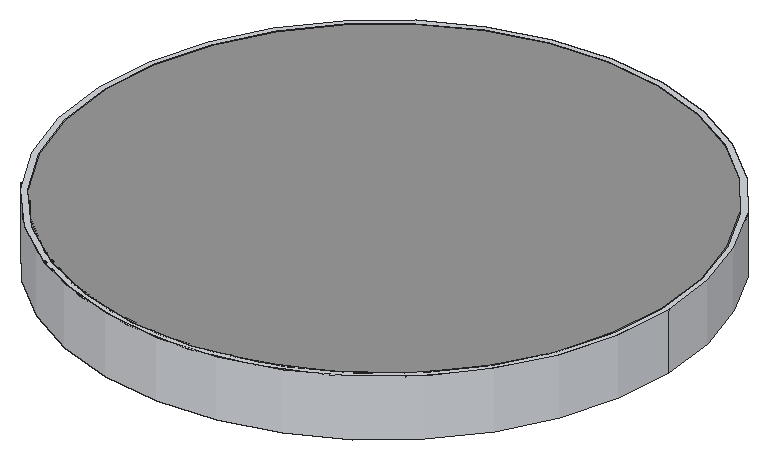
Revit family "2071190", category Lighting Fixtures, host Face, Revit 2018
Family settings
  Host = Face
  Round Connector Dimension = Use Diameter
  Part Type = Normal
  OmniClass Number = 23.80.70.00
  OmniClass Title = Lighting
  Cut with Voids When Loaded = No
  Light Source = Yes
  Shared = No
  Room Calculation Point = No
Parameters (values of type "2071190 COLOSSAL 600 940 OP DIR WHT SSC")
  iner diameter = 588 mm
  Weight = "n/a"
  Wattage Comments = ""
  Wattage = 30 W
  WarrantyStartDate [instance] = "n/a"
  WarrantyGuarantorParts = "n/a"
  WarrantyDurationUnit = "n/a"
  WarrantyDurationParts = ""
  WarrantyDescription = "http://www.sylvania-lighting.com"
  built-in parameter 1150110 = 1 (stored number, unit not read)
  Voltage = 230 V
  URL = "0.99"
  TypeName = "COLOSSAL 600mm 940 OPAL DIR WHITE SSC"
  Type Image = <None>
  Type Comments = "n/a"
  built-in parameter 1114217 = 1 (stored number, unit not read)
  Tilt Angle = -90.00°
  built-in parameter 1150109 = 1 (stored number, unit not read)
  built-in parameter 1150134 = (empty or 0)
  built-in parameter 1150113 = 1 (stored number, unit not read)
  SerialNumber [instance] = "n/a"
  Photometric Web File = "2071190.ies"
  Material_3_SYL = LED-Sylvania
  PowerFactor = 0
  PowerConsumption = "Lighting"
  NominalLength = 600 mm
  NominalHeight = 93 mm
  NominalDepth = 600 mm
  Name = "COLOSSAL 600mm 940 OPAL DIR WHITE SSC"
  ModelReference = Name  # "COLOSSAL 600mm 940 OPAL DIR WHITE SSC"
  ModelNumber = "2071190"
  Model = Name  # "COLOSSAL 600mm 940 OPAL DIR WHITE SSC"
  Material = "Feilo Sylvania"
  ManufacturerName = "113 lm/W"
  Manufacturer = ""
  LuminousEfficacy = ""
  built-in parameter 1150105 = 270.44 (stored number, unit not read)
  Lumens = 3398.4 lm
  LuminaireType = "0"
  built-in parameter 1150115 = 1 (stored number, unit not read)
  LightOutputRatio = "LED"
  built-in parameter 1150137 = (empty or 0)
  built-in parameter 1150139 = (empty or 0)
  LampsType = Lamp  # "n/a"
  LampNominalLuminous = "4000 K"
  LampMacAdamStep = "90"
  LampColourTemperature = "LED"
  LampColourRenderingIndex = "16500"
  built-in parameter 1150112 = 1 (stored number, unit not read)
  built-in parameter 1150114 = 1 (stored number, unit not read)
  Lamp = "n/a"
  Keynote = "n/a"
  InstallationDate [instance] = "n/a"
  InputVoltage = "0"
  InputNominalFrequency = "4000"
  built-in parameter 1150132 = (empty or 0)
  built-in parameter 1150102 = (empty or 0)
  built-in parameter 1150107 = 3000 (stored number, unit not read)
  built-in parameter 1150138 = (empty or 0)
  IngressProtection = "IfcLightFixtureType"
  ImpactProtectionIndex = "IfcLightFixtureType"
  built-in parameter 1150106 = 2.7044 (stored number, unit not read)
  IfcExportType = "IfcLightFixtureType"
  IfcExportAs = "Class I"
  Emit from Circle Diameter = 385 mm
  Emit Shape Visible in Rendering = no
  ElectricShockClassification = "113"
  built-in parameter 1150104 = 10.524 (stored number, unit not read)
  DocumentationLiterature = "http://www.sylvania-lighting.com/product/en-int/products/2071190"
  DimmingControlOptions = "n/a"
  Material_2_SYL = Polycarbonate_Sylvania_White
  Dimming Lamp Color Temperature Shift = <None>
  Description = "600mm diameter circular architectural luminaire, can be surface mounted or suspended. Powder coated aluminium housing (RAL9016) with polycarbonate opal diffuser. Direct light distribution, 4535lm luminuous flux, 40.1W system power, 113lm/W luminiaire efficacy. Sylsmart Standalone enabled. Colour rendering index Ra >90, 4000K Neutral White LED, chromaticity tolerance of 3-step MacAdam ellipse. IP40, IK03. 450mA drive current. Electrical protection Class1, 220-240V. Reported lifetime 66k hours L90B10."
  Default Elevation = 1219.2 mm
  CreatedOn = "23/03/2022"
  CreatedBy = "@sylvania-lighting.com"
  Cost = 0
  Color Filter = 16777215
  built-in parameter 1114216 [instance] = (empty or 0)
  ClassificationValue = "EF_70_80"
  ClassificationName = "Uniclass2015"
  Material_1_SYL = Polycarbonate_Sylvania_Opal
  BarCode [instance] = "n/a"
  built-in parameter 1114218 = 1 (stored number, unit not read)
  built-in parameter 1150133 = 10 (stored number, unit not read)
  AssetType = "Fixed"
  AssetIdentifier [instance] = "n/a"
  Assembly Code = "D5020200"
  Apparent Load = 40.1 VA
  Material_4_SYL = none
Reference planes
  plane 1 "Center (Front/Back)": y = 0
  plane 2: z = 0
  plane 3 "Center (Left/Right)": x = 0
  plane 4: x = -300
  plane 5: x = 300
  plane 6: y = 300
  plane 7: y = -300
  plane 8: y = 212
  plane 9: y = -212
  plane 10: z = 93
  plane 11: y = 294
  plane 12: y = -294
  plane 13: through (0, 0, 1219.2) normal (0.5, -0.866, 0)
  plane 14: through (-134.29, 20.617, 1219.2) normal (0.5, -0.866, 0)
  plane 15: through (-144.685, -181.683, 1219.2) normal (-0.5, 0.866, 0)
  plane 16: through (0, 0, 1219.2) normal (0.5, 0.866, 0)
  plane 17: through (178.555, -4.939, 1219.2) normal (0.5, 0.866, 0)
  plane 18: through (87.581, -148.715, 1219.2) normal (0.5, 0.866, 0)
  plane 19: y = 272
  plane 20: through (105.168, 227.067, 1219.2) normal (0.866, 0.5, 0)
  plane 21: through (-104.171, 225.672, 1219.2) normal (0.8572, -0.515, 0)
  plane 22: y = -204.612
  plane 23: through (-296.643, -30.2, 1219.2) normal (0.866, 0.5, 0)
  plane 24: through (153.092, -278.837, 1219.2) normal (-0.866, 0.5, 0)
Forms (mm)
  Extrusion 1, solid, detail levels medium+fine
    sketch origin (0, 0, 0) x (1, 0, 0) y (0, 1, 0)
      loop
        circle (0, 0) r 300
    from 33.023 to 93
  Extrusion 2, void
    sketch origin (0, 0, 0) x (1, 0, 0) y (0, 1, 0)
      loop
        circle (0, 0) r 294
    from 93 to 37.292
  Extrusion 3, solid, material "Glass, White, High Luminance", detail levels fine
    sketch origin (0, 0, 0) x (1, 0, 0) y (0, 1, 0)
      loop
        circle (0, 0) r 294
    from 88.026 to 93
  Extrusion 4, solid, detail levels coarse
    sketch origin (0, 0, 0) x (1, 0, 0) y (0, 1, 0)
      loop
        line (-300, 300) -> (-300, -300) -> (300, -300) -> (300, 300) -> (-300, 300)
    from 0 to 93
  Blend 5, solid, detail levels medium+fine
    base sketch origin (0, 0, 0) x (1, 0, 0) y (0, 1, 0)
      loop
        line (-76.334, 272) -> (-277.665, -63.07) -> (-195.946, -204.612) -> (195.946, -204.612) -> (275.172, -67.388) -> (79.226, 272) -> (-76.334, 272)
    top sketch origin (0, 0, 0) x (1, 0, 0) y (0, 1, 0)
      loop
        line (-226.097, -32.388) -> (-141.097, -179.612) -> (141.097, -179.612) -> (226.097, -32.388) -> (85, 212) -> (-85, 212) -> (-226.097, -32.388)
    from 33.023 to 0
Cuts and joins
  Extrusion 2 cuts Extrusion 1
Lines and regions (mm)
  model lines
    curve 1: line (-85, 212, 0) -> (0, 212, 0)
    curve 2: line (0, 212, 0) -> (85, 212, 0)
Dimensions and locks
  "NominalDepth": plane 6 to plane 7
  "NominalLength": plane 4 to plane 5
  equal spacing: plane 4, plane 3 "Center (Left/Right)", plane 5
  "iner diameter": plane 11 to plane 12
  equal spacing: plane 11, plane 1 "Center (Front/Back)", plane 12
  equal spacing: plane 6, plane 1 "Center (Front/Back)", plane 7
  "NominalHeight": plane 10 to level
  radius of Extrusion 2 sketch curve = 294 mm
  aligned and locked: plane 2 to host face
  aligned and locked: level to host face
Automatic sketch dimensions
  host sketch curve to host sketch curve = 2438.4 mm  (x2)
  plane 1 "Center (Front/Back)" to Extrusion 1 sketch curve = 0 mm
  Extrusion 1 sketch curve to plane 3 "Center (Left/Right)" = 0 mm
  plane 1 "Center (Front/Back)" to Extrusion 2 sketch curve = 0 mm
  Extrusion 2 sketch curve to plane 3 "Center (Left/Right)" = 0 mm
  plane 1 "Center (Front/Back)" to Extrusion 3 sketch curve = 0 mm
  Extrusion 3 sketch curve to plane 3 "Center (Left/Right)" = 0 mm
  Extrusion 4 sketch curve to plane 4 = 0 mm
  Extrusion 4 sketch curve to plane 5 = 0 mm
  Extrusion 4 sketch curve to plane 7 = 0 mm
  Extrusion 4 sketch curve to plane 6 = 0 mm
  Blend 5 sketch curve to plane 8 = 0 mm
  Blend 5 sketch curve to plane 3 "Center (Left/Right)" = 85 mm
  plane 3 "Center (Left/Right)" to Blend 5 sketch curve = 85 mm
  plane 9 to Blend 5 sketch curve = 32.388 mm
  plane 3 "Center (Left/Right)" to Blend 5 sketch curve = 141.097 mm
  plane 1 "Center (Front/Back)" to Blend 5 sketch curve = 32.388 mm  (x2)
  Blend 5 sketch curve to plane 5 = 73.903 mm
  Blend 5 sketch curve to plane 3 "Center (Left/Right)" = 141.097 mm
  plane 4 to Blend 5 sketch curve = 73.903 mm
  curve 1 to plane 8 = 0 mm
  curve 2 to plane 3 "Center (Left/Right)" = 0 mm
  curve 1 to plane 3 "Center (Left/Right)" = 85 mm
  curve 1 to curve 2 = 85 mm
  Blend 5 sketch curve to plane 21 = 0 mm
  Blend 5 sketch curve to plane 23 = 0 mm  (x2)
  Blend 5 sketch curve to plane 22 = 0 mm
  Blend 5 sketch curve to plane 19 = 0 mm
  plane 21 to Blend 5 sketch curve = 0 mm
  Blend 5 sketch curve to plane 20 = 0 mm  (x2)
  Blend 5 sketch curve to plane 24 = 0 mm  (x2)
  radius of Extrusion 1 sketch curve = 300 mm
  radius of Extrusion 3 sketch curve = 294 mm
Connectors
  electrical at (0, 0, 0), driven by "Apparent Load", driven by "PowerFactor", driven by "Voltage"
    settings: index 1, voltage 230 V, apparent load 40.1 VA, apparent load phase1 0 VA, apparent load phase2 0 VA, apparent load phase3 0 VA, power factor 0, load classification "Lighting", number of poles 1, system type 30, power factor state 1, is connector primary yes, connector utility no, sub classification motor no, connector description ""
